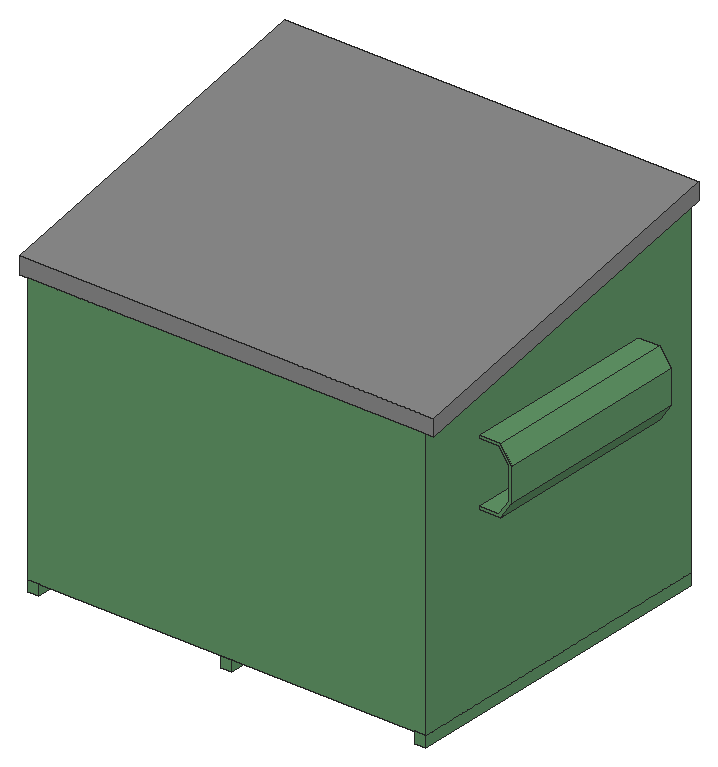
Revit family "M_Caçamba", category Terreno, Revit 2019
Family settings
  Cota do conector redondo = Utilizar diâmetro
  Tipo de parte = Normal
  ID de item do Seek = Dumpster-0000-CAN-ENU
  Com base no plano de trabalho = Não
  Sempre na vertical = Não
  Corte com vazios quando carregada = Não
  Compartilhado = Não
Parameters
  Linear = 1525.00 mm
  Comprimento = 1830.00 mm
Reference planes
  plane 1 "Centro (Frente/Trás)": y = 0
  plane 2: z = 0
  plane 3 "Centro (Esquerda/Direita)": x = 0
  plane 4: x = -915
  plane 5: x = 915
  plane 6: y = 762.5
  plane 7: y = -762.5
  plane 8: z = 1371.6
  plane 9: z = 1676.4
  plane 10: x = 1067.4
  plane 11: x = -1067.4
  plane 12: z = 1155.963
  plane 13: z = 851.163
  plane 14: x = 1016.6
  plane 15: z = 927.363
  plane 16: z = 1079.763
  plane 17: y = -457.2
  plane 18: y = 457.2
  plane 19: x = -1016
  plane 20: x = -952.5
  plane 21: x = 952.5
Forms (mm)
  Extrusion 1, solid, material "Metal - Acabamento pintado - Verde, Brilho"
    sketch origin (0, 0, 0) x (0, 1, 0) y (0, 0, 1)
      loop
        line (762.5, 50.8) -> (762.5, 1600.2) -> (-762.5, 1295.4) -> (-762.5, 50.8) -> (762.5, 50.8)
    from -915 to 915
  Extrusion 2, solid, material "Metal - Acabamento pintado - Verde, Brilho"
    sketch origin (915, -762.5, 1295.4) x (-1, 0, 0) y (0, 0, -1)
      loop
        line (0, 139.437) -> (0, 152.137) -> (-94.803, 152.137) -> (-139.7, 219.482) -> (-139.7, 364.192) -> (-94.803, 431.537) -> (0, 431.537) -> (0, 444.237) -> (-101.6, 444.237) -> (-152.4, 368.037) -> (-152.4, 215.637) -> (-101.6, 139.437) -> (0, 139.437)
    from -1219.7 to -305.3
  Extrusion 3, solid, material "Metal - Acabamento pintado - Verde, Brilho"
    sketch origin (-914.4, -762, 1371.6) x (1, 0, 0) y (0, 0, 1)
      loop
        line (-0.6, -215.637) -> (-101.6, -215.637) -> (-153, -291.837) -> (-153, -444.237) -> (-101.6, -520.437) -> (-0.6, -520.437) -> (-0.6, -507.737) -> (-94.803, -507.737) -> (-140.3, -440.392) -> (-140.3, -295.682) -> (-94.803, -228.337) -> (-0.6, -228.337) -> (-0.6, -215.637)
    from -1219.2 to -304.8
  Extrusion 4, solid, material "Metal - Acabamento pintado - Verde, Brilho"
    sketch origin (915, -762.5, 1295.4) x (-1, 0, 0) y (0, 0, -1)
      loop
        line (1830, 1244.6) -> (1830, 1295.4) -> (1779.2, 1295.4) -> (1779.2, 1244.6) -> (1830, 1244.6)
      loop
        line (0, 1244.6) -> (50.8, 1244.6) -> (50.8, 1295.4) -> (0, 1295.4) -> (0, 1244.6)
      loop
        line (889.6, 1244.6) -> (940.4, 1244.6) -> (940.4, 1295.4) -> (889.6, 1295.4) -> (889.6, 1244.6)
    from -1525 to 0
  Extrusion 5, solid, material "Aço, acabamento de pintura, cinza escuro, fosco"
    sketch origin (915, 0, 0) x (0, 1, 0) y (0, 0, 1)
      loop
        line (-762.5, 1371.6) -> (-762.5, 1295.4) -> (762.5, 1600.2) -> (762.5, 1676.4) -> (-762.5, 1371.6)
    from -1866.9 to 38.1
Lines and regions (mm)
  symbolic lines, style "Acessórios do terreno"
    curve 1: line (-915, 762.5, 0) -> (915, 762.5, 0)
    curve 2: line (-915, -762.5, 0) -> (-915, 762.5, 0)
    curve 3: line (915, -762.5, 0) -> (-915, -762.5, 0)
    curve 4: line (915, 762.5, 0) -> (915, -762.5, 0)
    curve 5: line (915, 457.2, 0) -> (1067.4, 457.2, 0)
    curve 6: line (1067.4, 457.2, 0) -> (1067.4, -457.2, 0)
    curve 7: line (1067.4, -457.2, 0) -> (915, -457.2, 0)
    curve 8: line (1016.6, -457.2, 0) -> (1016.6, 457.2, 0)
    curve 9: line (-915, 457.2, 0) -> (-1067.4, 457.2, 0)
    curve 10: line (-1067.4, 457.2, 0) -> (-1067.4, -457.2, 0)
    curve 11: line (-1067.4, -457.2, 0) -> (-915, -457.2, 0)
    curve 12: line (-1016, 457.2, 0) -> (-1016, -457.2, 0)
Dimensions and locks
  "Comprimento": plane 4 to plane 5
  "Linear": plane 7 to plane 6
  equal spacing: plane 4, plane 3 "Centro (Esquerda/Direita)", plane 5
  equal spacing: plane 7, plane 1 "Centro (Frente/Trás)", plane 6
  plane 11 to plane 4 = 152.40 mm
  plane 5 to plane 10 = 152.40 mm
  plane 12 to plane 13 = 304.80 mm
  locked: plane 14 to plane 10 at 50.8
  plane 12 to plane 16 = 76.20 mm
  plane 15 to plane 13 = 76.20 mm
  plane 10 to plane 5 = 152.40 mm
  locked: plane 2 to Extrusion 1 sketch curve at 50.8
  aligned and locked: Extrusion 1 to plane 5
  aligned and locked: plane 4 to Extrusion 1
  aligned and locked: Extrusion 2 to plane 18
  aligned and locked: plane 17 to Extrusion 2
  aligned and locked: Extrusion 4 sketch curve to Extrusion 1  (x5)
  aligned and locked: level to Extrusion 4 sketch curve  (x3)
  aligned and locked: Extrusion 4 to plane 6
  aligned and locked: Extrusion 1 sketch curve to Extrusion 5
Automatic sketch dimensions
  Extrusion 2 sketch curve to plane 10 = 0.00 mm
  plane 15 to Extrusion 2 sketch curve = 3.845 mm
  Extrusion 2 sketch curve to plane 16 = 3.845 mm
  Extrusion 2 sketch curve to plane 13 = 0.00 mm
  Extrusion 2 sketch curve to plane 14 = 0.00 mm  (x2)
  Extrusion 2 sketch curve to plane 12 = 0.00 mm
  plane 14 to Extrusion 2 sketch curve = 6.797 mm  (x2)
  Extrusion 2 sketch curve to plane 5 = 0.00 mm  (x2)
  Extrusion 2 sketch curve to plane 16 = 0.00 mm
  Extrusion 2 sketch curve to plane 15 = 0.00 mm
  Extrusion 2 sketch curve to Extrusion 2 sketch curve = 12.70 mm
  Extrusion 2 sketch curve to plane 12 = 12.70 mm
  plane 13 to Extrusion 2 sketch curve = 12.70 mm
  Extrusion 3 sketch curve to plane 11 = 0.00 mm
  Extrusion 3 sketch curve to plane 13 = 0.00 mm
  Extrusion 3 sketch curve to plane 19 = 0.00 mm  (x2)
  Extrusion 3 sketch curve to plane 12 = 0.00 mm
  Extrusion 3 sketch curve to plane 4 = 0.00 mm  (x2)
  Extrusion 3 sketch curve to plane 15 = 0.00 mm
  Extrusion 3 sketch curve to plane 16 = 0.00 mm
  plane 15 to Extrusion 3 sketch curve = 3.845 mm
  plane 11 to Extrusion 3 sketch curve = 12.70 mm
  plane 19 to Extrusion 3 sketch curve = 6.797 mm  (x2)
  plane 13 to Extrusion 3 sketch curve = 12.70 mm
  Extrusion 3 sketch curve to plane 16 = 3.845 mm
  Extrusion 3 sketch curve to plane 12 = 12.70 mm
  plane 5 to Extrusion 4 sketch curve = 50.80 mm
  plane 3 "Centro (Esquerda/Direita)" to Extrusion 4 sketch curve = 25.40 mm
  Extrusion 4 sketch curve to plane 3 "Centro (Esquerda/Direita)" = 25.40 mm
  Extrusion 4 sketch curve to Extrusion 4 sketch curve = 50.80 mm
  Extrusion 5 sketch curve to plane 7 = 0.00 mm
  Extrusion 5 sketch curve to plane 6 = 0.00 mm
  Extrusion 5 sketch curve to plane 8 = 0.00 mm
  Extrusion 5 sketch curve to plane 9 = 0.00 mm
  Extrusion 5 sketch curve to Extrusion 5 sketch curve = 76.20 mm  (x2)
  Extrusion 1 sketch curve to plane 7 = 0.00 mm
  Extrusion 1 sketch curve to plane 6 = 0.00 mm
  curve 11 to plane 11 = 0.00 mm
  curve 12 to plane 19 = 0.00 mm
  curve 2 to plane 4 = 0.00 mm
  curve 4 to plane 5 = 0.00 mm
  curve 8 to plane 14 = 0.00 mm
  curve 5 to plane 10 = 0.00 mm
  curve 4 to plane 7 = 0.00 mm
  curve 7 to plane 17 = 0.00 mm
  curve 11 to plane 17 = 0.00 mm
  curve 5 to plane 18 = 0.00 mm
  curve 9 to plane 18 = 0.00 mm
  curve 1 to plane 6 = 0.00 mm
